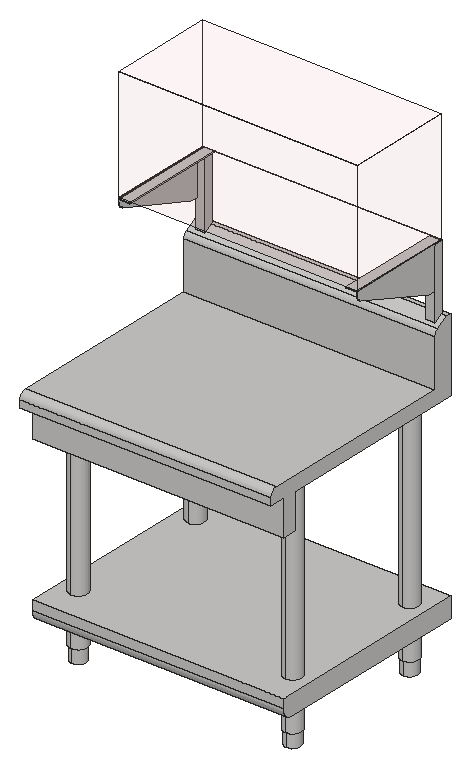
Revit family "QF_MOFFAT WALDORF_BT8900S-LS", category Specialty Equipment, Revit 2012
Parameters
  Weight in Pounds = 165.3465  # constant formula
  Width [instance] = 900.00 mm  # constant formula
  URL Cutsheet = "www.moffat.com"
  URL = "www.moffat.com"
  Type Mark [instance] = ""
  Status [instance] = ""
  Specification by User [instance] = ""
  Specification by Manufacturer = ""
  Show Clearance [instance] = yes
  Show Casters [instance] = no
  Serial Number = ""
  Seismic Rating = ""
  SMACNA No = ""
  Revision Code [instance] = ""
  Omniclass Number and Title = ""
  NAFEM Spec ID Number = ""
  Model = "BT8900S-LS"
  Masterspec = ""
  Manufacturer = "MOFFAT WALDORF"
  Legs [instance] = not(Show Casters)  # yes
  Item Number [instance] = ""
  Installed By [instance] = ""
  Identify Quantity as Lot [instance] = yes
  Height = 1130.00 mm  # constant formula
  Furnished By [instance] = ""
  Foodservice Equipment Identifier [instance] = yes
  Description = "BENCH TOP FOR SALAMANDER ON LEG STAND"
  Depth [instance] = 805.00 mm  # constant formula
  CSI MasterFormat = ""
  CSI Master Format = ""
  Back Splash [instance] = 215.00 mm  # constant formula
Reference planes
  plane 1 "BACK": y = 0
  plane 2: z = 0
  plane 3 "LEFT": x = 0
  plane 4 "RIGHT": x = 900
  plane 5 "FRONT": y = -805
  plane 6 "TOP": z = 1130
  plane 7 "Center Y": x = 450
  plane 8 "Center X": y = -402.5
  plane 9 "Base Height": z = 150
  plane 10: z = 915
  plane 11: x = 65
  plane 12: x = 834
  plane 13: y = -625
  plane 14: y = -100
  plane 15: z = 1770
Forms (mm)
  Extrusion 1, solid, material "QF_Finishes_Stainless Steel"
    sketch origin (0, 0, 0) x (0, 1, 0) y (0, 0, 1)
      loop
        line (0, 222.5) -> (-749, 222.5) -> (-749, 188)
        arc (-749, 188) -> (-737.87, 161.13) -> (-711, 150) r 38
        line (-711, 150) -> (0, 150) -> (0, 222.5)
      loop
        line (-805, 891) -> (-805, 866) -> (-749, 866) -> (-749, 740) -> (-699, 740) -> (-699, 866) -> (0, 866) -> (0, 1130) -> (-16.5, 1130) -> (-58, 1106.04)
        arc (-58, 1106.04) -> (-66.785, 1097.255) -> (-70, 1085.255) r 24
        line (-70, 1085.255) -> (-70, 915) -> (-781, 915)
        arc (-781, 915) -> (-797.971, 907.971) -> (-805, 891) r 24
    from 0 to 900
  Extrusion 2, solid, material "QF_Finishes_Stainless Steel"
    sketch origin (0, -699, 222.5) x (0, -1, 0) y (1, 0, 0)
      loop
        circle (-599, 65) r 31.75
      loop
        circle (-599, 834) r 31.75
      loop
        circle (-74, 65) r 31.75
      loop
        circle (-74, 834) r 31.75
    from 0 to 643.5
  Revolve 3, solid, material "QF_Finishes_Stainless Steel", visible <- "Legs"
    sketch origin (834, -210, 0) x (0, 1, 0) y (0, 0, -1)
      loop
        line (78.25, -150) -> (110, -150) -> (110, 0) -> (82.5, 0) -> (82.5, -50) -> (78.25, -50) -> (78.25, -150)
      axis (110, -150) -> (110, 0)
    angle from 0 to 360
  Revolve 4, solid, material "QF_Finishes_Stainless Steel"
    sketch origin (834, -735, 0) x (0, 1, 0) y (0, 0, -1)
      loop
        line (78.25, -150) -> (110, -150) -> (110, 0) -> (82.5, 0) -> (82.5, -50) -> (78.25, -50) -> (78.25, -150)
      axis (110, -150) -> (110, 0)
    angle from 0 to 360
  Revolve 5, solid, material "QF_Finishes_Stainless Steel", visible <- "Legs"
    sketch origin (65, -210, 0) x (0, 1, 0) y (0, 0, -1)
      loop
        line (78.25, -150) -> (110, -150) -> (110, 0) -> (82.5, 0) -> (82.5, -50) -> (78.25, -50) -> (78.25, -150)
      axis (110, -150) -> (110, 0)
    angle from 0 to 360
  Revolve 6, solid, material "QF_Finishes_Stainless Steel"
    sketch origin (65, -735, 0) x (0, 1, 0) y (0, 0, -1)
      loop
        line (78.25, -150) -> (110, -150) -> (110, 0) -> (82.5, 0) -> (82.5, -50) -> (78.25, -50) -> (78.25, -150)
      axis (110, -150) -> (110, 0)
    angle from 0 to 360
  Extrusion 7, solid, material "QF_Finishes_Stainless Steel"
    sketch origin (0, 0, 0) x (0, 1, 0) y (0, 0, 1)
      loop
        line (-13, 1362.5) -> (-45, 1362.5) -> (-45, 1113.546) -> (-16.5, 1130) -> (-13, 1130) -> (-13, 1362.5)
    from 21.5 to 53.5
  Extrusion 8, solid, material "QF_Finishes_Stainless Steel"
    sketch origin (0, 0, 0) x (0, 1, 0) y (0, 0, 1)
      loop
        line (-391, 1365) -> (-391, 1352.344)
        arc (-391, 1352.344) -> (-386.541, 1338.094) -> (-374.754, 1328.927) r 25
        line (-374.754, 1328.927) -> (-70, 1215) -> (-13, 1215) -> (-13, 1365) -> (-391, 1365)
    from 21.5 to 24.592
  Extrusion 9, solid, material "QF_Finishes_Stainless Steel"
    sketch origin (0, -45, 1362.5) x (0, 1, 0) y (-1, 0, 0)
      loop
        line (32, -24.592) -> (-346, -24.592) -> (-346, -64) -> (32, -64) -> (32, -24.592)
    from 0 to 2.5
  Extrusion 10, solid, material "QF_Finishes_Stainless Steel"
    sketch origin (900, 0, 0) x (0, -1, 0) y (0, 0, 1)
      loop
        line (13, 1362.5) -> (13, 1130) -> (16.5, 1130) -> (45, 1113.546) -> (45, 1362.5) -> (13, 1362.5)
    from 21.5 to 53.5
  Extrusion 11, solid, material "QF_Finishes_Stainless Steel"
    sketch origin (900, 0, 0) x (0, -1, 0) y (0, 0, 1)
      loop
        line (391, 1365) -> (13, 1365) -> (13, 1215) -> (70, 1215) -> (374.754, 1328.927)
        arc (374.754, 1328.927) -> (386.541, 1338.094) -> (391, 1352.344) r 25
        line (391, 1352.344) -> (391, 1365)
    from 21.5 to 24.592
  Extrusion 12, solid, material "QF_Finishes_Stainless Steel"
    sketch origin (900, -45, 1362.5) x (0, 1, 0) y (-1, 0, 0)
      loop
        line (32, 24.592) -> (32, 64) -> (-346, 64) -> (-346, 24.592) -> (32, 24.592)
    from 0 to 2.5
  Extrusion 13, solid, material "QF_Clearance", visible <- "Show Clearance"
    sketch origin (0, -45, 1365) x (0, 1, 0) y (-1, 0, 0)
      loop
        line (-346, -21.5) -> (-346, -878.5) -> (32, -878.5) -> (32, -21.5) -> (-346, -21.5)
    from 0 to 405
Lines and regions (mm)
  Split face 1
    outline origin (0, -16.5, 1130) x (0, -0.866025, -0.5) y (1, 0, 0)
      loop
        line (1.962, 129.583) -> (34.599, 129.583) -> (34.599, 149.583) -> (1.962, 149.583) -> (1.962, 129.583)
  Split face 2
    outline origin (0, -16.5, 1130) x (0, -0.866025, -0.5) y (1, 0, 0)
      loop
        line (34.599, 156.5) -> (34.599, 176.5) -> (1.962, 176.5) -> (1.962, 156.5) -> (34.599, 156.5)
  Split face 3
    outline origin (0, -16.5, 1130) x (0, -0.866025, -0.5) y (1, 0, 0)
      loop
        line (34.599, 203.5) -> (1.962, 203.5) -> (1.962, 183.5) -> (34.599, 183.5) -> (34.599, 203.5)
  Split face 4
    outline origin (0, -16.5, 1130) x (0, -0.866025, -0.5) y (1, 0, 0)
      loop
        line (34.599, 230.5) -> (1.962, 230.5) -> (1.962, 210.5) -> (34.599, 210.5) -> (34.599, 230.5)
  Split face 5
    outline origin (0, -16.5, 1130) x (0, -0.866025, -0.5) y (1, 0, 0)
      loop
        line (34.599, 257.5) -> (1.962, 257.5) -> (1.962, 237.5) -> (34.599, 237.5) -> (34.599, 257.5)
  Split face 6
    outline origin (0, -16.5, 1130) x (0, -0.866025, -0.5) y (1, 0, 0)
      loop
        line (34.599, 264.5) -> (34.599, 284.5) -> (1.962, 284.5) -> (1.962, 264.5) -> (34.599, 264.5)
  Split face 7
    outline origin (0, -16.5, 1130) x (0, -0.866025, -0.5) y (1, 0, 0)
      loop
        line (34.599, 311.5) -> (1.962, 311.5) -> (1.962, 291.5) -> (34.599, 291.5) -> (34.599, 311.5)
  Split face 8
    outline origin (0, -16.5, 1130) x (0, -0.866025, -0.5) y (1, 0, 0)
      loop
        line (1.962, 338.5) -> (1.962, 318.5) -> (34.599, 318.5) -> (34.599, 338.5) -> (1.962, 338.5)
  Split face 9
    outline origin (0, -16.5, 1130) x (0, -0.866025, -0.5) y (1, 0, 0)
      loop
        line (1.962, 345.5) -> (34.599, 345.5) -> (34.599, 365.5) -> (1.962, 365.5) -> (1.962, 345.5)
  Split face 10
    outline origin (0, -16.5, 1130) x (0, -0.866025, -0.5) y (1, 0, 0)
      loop
        line (34.599, 372.5) -> (34.599, 392.5) -> (1.962, 392.5) -> (1.962, 372.5) -> (34.599, 372.5)
  Split face 11
    outline origin (0, -16.5, 1130) x (0, -0.866025, -0.5) y (1, 0, 0)
      loop
        line (34.599, 399.5) -> (34.599, 419.5) -> (1.962, 419.5) -> (1.962, 399.5) -> (34.599, 399.5)
  Split face 12
    outline origin (0, -16.5, 1130) x (0, -0.866025, -0.5) y (1, 0, 0)
      loop
        line (34.599, 426.5) -> (34.599, 446.5) -> (1.962, 446.5) -> (1.962, 426.5) -> (34.599, 426.5)
  Split face 13
    outline origin (0, -16.5, 1130) x (0, -0.866025, -0.5) y (1, 0, 0)
      loop
        line (1.962, 453.5) -> (34.599, 453.5) -> (34.599, 473.5) -> (1.962, 473.5) -> (1.962, 453.5)
  Split face 14
    outline origin (0, -16.5, 1130) x (0, -0.866025, -0.5) y (1, 0, 0)
      loop
        line (1.962, 500.5) -> (1.962, 480.5) -> (34.599, 480.5) -> (34.599, 500.5) -> (1.962, 500.5)
  Split face 15
    outline origin (0, -16.5, 1130) x (0, -0.866025, -0.5) y (1, 0, 0)
      loop
        line (34.599, 527.5) -> (1.962, 527.5) -> (1.962, 507.5) -> (34.599, 507.5) -> (34.599, 527.5)
  Split face 16
    outline origin (0, -16.5, 1130) x (0, -0.866025, -0.5) y (1, 0, 0)
      loop
        line (34.599, 534.5) -> (34.599, 554.5) -> (1.962, 554.5) -> (1.962, 534.5) -> (34.599, 534.5)
  Split face 17
    outline origin (0, -16.5, 1130) x (0, -0.866025, -0.5) y (1, 0, 0)
      loop
        line (34.599, 581.5) -> (1.962, 581.5) -> (1.962, 561.5) -> (34.599, 561.5) -> (34.599, 581.5)
  Split face 18
    outline origin (0, -16.5, 1130) x (0, -0.866025, -0.5) y (1, 0, 0)
      loop
        line (34.599, 588.5) -> (34.599, 608.5) -> (1.962, 608.5) -> (1.962, 588.5) -> (34.599, 588.5)
  Split face 19
    outline origin (0, -16.5, 1130) x (0, -0.866025, -0.5) y (1, 0, 0)
      loop
        line (34.599, 615.5) -> (34.599, 635.5) -> (1.962, 635.5) -> (1.962, 615.5) -> (34.599, 615.5)
  Split face 20
    outline origin (0, -16.5, 1130) x (0, -0.866025, -0.5) y (1, 0, 0)
      loop
        line (34.599, 662.5) -> (1.962, 662.5) -> (1.962, 642.5) -> (34.599, 642.5) -> (34.599, 662.5)
  Split face 21
    outline origin (0, -16.5, 1130) x (0, -0.866025, -0.5) y (1, 0, 0)
      loop
        line (34.599, 669.5) -> (34.599, 689.5) -> (1.962, 689.5) -> (1.962, 669.5) -> (34.599, 669.5)
  Split face 22
    outline origin (0, -16.5, 1130) x (0, -0.866025, -0.5) y (1, 0, 0)
      loop
        line (34.599, 696.5) -> (34.599, 716.5) -> (1.962, 716.5) -> (1.962, 696.5) -> (34.599, 696.5)
  Split face 23
    outline origin (0, -16.5, 1130) x (0, -0.866025, -0.5) y (1, 0, 0)
      loop
        line (34.599, 743.5) -> (1.962, 743.5) -> (1.962, 723.5) -> (34.599, 723.5) -> (34.599, 743.5)
  Split face 24
    outline origin (0, -16.5, 1130) x (0, -0.866025, -0.5) y (1, 0, 0)
      loop
        line (1.962, 750.5) -> (34.599, 750.5) -> (34.599, 770.5) -> (1.962, 770.5) -> (1.962, 750.5)
  symbolic lines
    curve 1: line (0, 0, 0) -> (0, -805, 0)
    curve 2: line (900, 0, 0) -> (0, 0, 0)
    curve 3: line (900, -805, 0) -> (900, 0, 0)
    curve 4: line (0, -70, 0) -> (21.5, -70, 0)
    curve 5: line (0, -805, 0) -> (900, -805, 0)
    curve 6: line (129.583, -21.949, 0) -> (129.583, -50.213, 0)
    curve 7: line (129.583, -50.213, 0) -> (149.583, -50.213, 0)
    curve 8: line (149.583, -50.213, 0) -> (149.583, -21.949, 0)
    curve 9: line (149.583, -21.949, 0) -> (129.583, -21.949, 0)
    curve 10: line (156.5, -21.949, 0) -> (156.5, -50.213, 0)
    curve 11: line (156.5, -50.213, 0) -> (176.5, -50.213, 0)
    curve 12: line (176.5, -50.213, 0) -> (176.5, -21.949, 0)
    curve 13: line (176.5, -21.949, 0) -> (156.5, -21.949, 0)
    curve 14: line (183.5, -21.949, 0) -> (183.5, -50.213, 0)
    curve 15: line (183.5, -50.213, 0) -> (203.5, -50.213, 0)
    curve 16: line (203.5, -50.213, 0) -> (203.5, -21.949, 0)
    curve 17: line (203.5, -21.949, 0) -> (183.5, -21.949, 0)
    curve 18: line (210.5, -21.949, 0) -> (210.5, -50.213, 0)
    curve 19: line (210.5, -50.213, 0) -> (230.5, -50.213, 0)
    curve 20: line (230.5, -50.213, 0) -> (230.5, -21.949, 0)
    curve 21: line (230.5, -21.949, 0) -> (210.5, -21.949, 0)
    curve 22: line (237.5, -21.949, 0) -> (237.5, -50.213, 0)
    curve 23: line (237.5, -50.213, 0) -> (257.5, -50.213, 0)
    curve 24: line (257.5, -50.213, 0) -> (257.5, -21.949, 0)
    curve 25: line (257.5, -21.949, 0) -> (237.5, -21.949, 0)
    curve 26: line (264.5, -21.949, 0) -> (264.5, -50.213, 0)
    curve 27: line (264.5, -50.213, 0) -> (284.5, -50.213, 0)
    curve 28: line (284.5, -50.213, 0) -> (284.5, -21.949, 0)
    curve 29: line (284.5, -21.949, 0) -> (264.5, -21.949, 0)
    curve 30: line (291.5, -21.949, 0) -> (291.5, -50.213, 0)
    curve 31: line (291.5, -50.213, 0) -> (311.5, -50.213, 0)
    curve 32: line (311.5, -50.213, 0) -> (311.5, -21.949, 0)
    curve 33: line (311.5, -21.949, 0) -> (291.5, -21.949, 0)
    curve 34: line (318.5, -21.949, 0) -> (318.5, -50.213, 0)
    curve 35: line (318.5, -50.213, 0) -> (338.5, -50.213, 0)
    curve 36: line (338.5, -50.213, 0) -> (338.5, -21.949, 0)
    curve 37: line (338.5, -21.949, 0) -> (318.5, -21.949, 0)
    curve 38: line (345.5, -21.949, 0) -> (345.5, -50.213, 0)
    curve 39: line (345.5, -50.213, 0) -> (365.5, -50.213, 0)
    curve 40: line (365.5, -50.213, 0) -> (365.5, -21.949, 0)
    curve 41: line (365.5, -21.949, 0) -> (345.5, -21.949, 0)
    curve 42: line (372.5, -21.949, 0) -> (372.5, -50.213, 0)
    curve 43: line (372.5, -50.213, 0) -> (392.5, -50.213, 0)
    curve 44: line (392.5, -50.213, 0) -> (392.5, -21.949, 0)
    curve 45: line (392.5, -21.949, 0) -> (372.5, -21.949, 0)
    curve 46: line (399.5, -21.949, 0) -> (399.5, -50.213, 0)
    curve 47: line (399.5, -50.213, 0) -> (419.5, -50.213, 0)
    curve 48: line (419.5, -50.213, 0) -> (419.5, -21.949, 0)
    curve 49: line (419.5, -21.949, 0) -> (399.5, -21.949, 0)
    curve 50: line (426.5, -21.949, 0) -> (426.5, -50.213, 0)
    curve 51: line (426.5, -50.213, 0) -> (446.5, -50.213, 0)
    curve 52: line (446.5, -50.213, 0) -> (446.5, -21.949, 0)
    curve 53: line (446.5, -21.949, 0) -> (426.5, -21.949, 0)
    curve 54: line (453.5, -21.949, 0) -> (453.5, -50.213, 0)
    curve 55: line (453.5, -50.213, 0) -> (473.5, -50.213, 0)
    curve 56: line (473.5, -50.213, 0) -> (473.5, -21.949, 0)
    curve 57: line (473.5, -21.949, 0) -> (453.5, -21.949, 0)
    curve 58: line (480.5, -21.949, 0) -> (480.5, -50.213, 0)
    curve 59: line (480.5, -50.213, 0) -> (500.5, -50.213, 0)
    curve 60: line (500.5, -50.213, 0) -> (500.5, -21.949, 0)
    curve 61: line (500.5, -21.949, 0) -> (480.5, -21.949, 0)
    curve 62: line (507.5, -21.949, 0) -> (507.5, -50.213, 0)
    curve 63: line (507.5, -50.213, 0) -> (527.5, -50.213, 0)
    curve 64: line (527.5, -50.213, 0) -> (527.5, -21.949, 0)
    curve 65: line (527.5, -21.949, 0) -> (507.5, -21.949, 0)
    curve 66: line (534.5, -21.949, 0) -> (534.5, -50.213, 0)
    curve 67: line (534.5, -50.213, 0) -> (554.5, -50.213, 0)
    curve 68: line (554.5, -50.213, 0) -> (554.5, -21.949, 0)
    curve 69: line (554.5, -21.949, 0) -> (534.5, -21.949, 0)
    curve 70: line (561.5, -21.949, 0) -> (561.5, -50.213, 0)
    curve 71: line (561.5, -50.213, 0) -> (581.5, -50.213, 0)
    curve 72: line (581.5, -50.213, 0) -> (581.5, -21.949, 0)
    curve 73: line (581.5, -21.949, 0) -> (561.5, -21.949, 0)
    curve 74: line (588.5, -21.949, 0) -> (588.5, -50.213, 0)
    curve 75: line (588.5, -50.213, 0) -> (608.5, -50.213, 0)
    curve 76: line (608.5, -50.213, 0) -> (608.5, -21.949, 0)
    curve 77: line (608.5, -21.949, 0) -> (588.5, -21.949, 0)
    curve 78: line (615.5, -21.949, 0) -> (615.5, -50.213, 0)
    curve 79: line (615.5, -50.213, 0) -> (635.5, -50.213, 0)
    curve 80: line (635.5, -50.213, 0) -> (635.5, -21.949, 0)
    curve 81: line (635.5, -21.949, 0) -> (615.5, -21.949, 0)
    curve 82: line (642.5, -21.949, 0) -> (642.5, -50.213, 0)
    curve 83: line (642.5, -50.213, 0) -> (662.5, -50.213, 0)
    curve 84: line (662.5, -50.213, 0) -> (662.5, -21.949, 0)
    curve 85: line (662.5, -21.949, 0) -> (642.5, -21.949, 0)
    curve 86: line (669.5, -21.949, 0) -> (669.5, -50.213, 0)
    curve 87: line (669.5, -50.213, 0) -> (689.5, -50.213, 0)
    curve 88: line (689.5, -50.213, 0) -> (689.5, -21.949, 0)
    curve 89: line (689.5, -21.949, 0) -> (669.5, -21.949, 0)
    curve 90: line (696.5, -21.949, 0) -> (696.5, -50.213, 0)
    curve 91: line (696.5, -50.213, 0) -> (716.5, -50.213, 0)
    curve 92: line (716.5, -50.213, 0) -> (716.5, -21.949, 0)
    curve 93: line (716.5, -21.949, 0) -> (696.5, -21.949, 0)
    curve 94: line (723.5, -21.949, 0) -> (723.5, -50.213, 0)
    curve 95: line (723.5, -50.213, 0) -> (743.5, -50.213, 0)
    curve 96: line (743.5, -50.213, 0) -> (743.5, -21.949, 0)
    curve 97: line (743.5, -21.949, 0) -> (723.5, -21.949, 0)
    curve 98: line (750.5, -21.949, 0) -> (750.5, -50.213, 0)
    curve 99: line (750.5, -50.213, 0) -> (770.5, -50.213, 0)
    curve 100: line (770.5, -50.213, 0) -> (770.5, -21.949, 0)
    curve 101: line (770.5, -21.949, 0) -> (750.5, -21.949, 0)
    curve 102: line (21.5, -13, 0) -> (21.5, -391, 0)
    curve 103: line (64, -13, 0) -> (21.5, -13, 0)
    curve 104: line (64, -391, 0) -> (64, -13, 0)
    curve 105: line (21.5, -391, 0) -> (64, -391, 0)
    curve 106: line (878.5, -13, 0) -> (878.5, -391, 0)
    curve 107: line (836, -13, 0) -> (878.5, -13, 0)
    curve 108: line (836, -391, 0) -> (836, -13, 0)
    curve 109: line (878.5, -391, 0) -> (836, -391, 0)
    curve 110: line (64, -70, 0) -> (836, -70, 0)
    curve 111: line (878.5, -70, 0) -> (900, -70, 0)
  symbolic lines, style "QF_Clearances", visible <- "Show Clearance"
    curve 112: line (878.5, -13, 0) -> (21.5, -13, 0)
    curve 113: line (21.5, -13, 0) -> (21.5, -391, 0)
    curve 114: line (21.5, -391, 0) -> (878.5, -391, 0)
    curve 115: line (878.5, -391, 0) -> (878.5, -13, 0)
Dimensions and locks
  equal spacing: plane 3 "LEFT", plane 7 "Center Y", plane 4 "RIGHT"
  "Width": plane 3 "LEFT" to plane 4 "RIGHT"
  equal spacing: plane 5 "FRONT", plane 8 "Center X", plane 1 "BACK"
  "Depth": plane 5 "FRONT" to plane 1 "BACK"
  locked: plane 10 to level at 915
  locked: plane 9 "Base Height" to level at 150
  plane 6 "TOP" to plane 10 = 215.00 mm
  plane 13 to plane 14 = 525.00 mm
  plane 12 to plane 11 = 769.00 mm
  "Height": plane 6 "TOP" to level
  plane 15 to level = 1770.00 mm
  aligned and locked: level to plane 2
Automatic sketch dimensions
  Extrusion 1 sketch curve to plane 5 "FRONT" = 0.00 mm
  Extrusion 1 sketch curve to plane 10 = 0.00 mm
  Extrusion 1 sketch curve to plane 9 "Base Height" = 0.00 mm
  Extrusion 1 sketch curve to plane 6 "TOP" = 0.00 mm
  Extrusion 1 sketch curve to plane 1 "BACK" = 0.00 mm  (x2)
  Extrusion 1 sketch curve to plane 5 "FRONT" = 24.00 mm
  Extrusion 1 sketch curve to Extrusion 1 sketch curve = 32.00 mm
  Extrusion 1 sketch curve to plane 5 "FRONT" = 56.00 mm
  Extrusion 1 sketch curve to Extrusion 1 sketch curve = 38.00 mm
  Extrusion 1 sketch curve to Extrusion 1 sketch curve = 50.00 mm
  plane 14 to Extrusion 1 sketch curve = 30.00 mm
  Extrusion 1 sketch curve to plane 6 "TOP" = 23.96 mm
  Extrusion 1 sketch curve to Extrusion 1 sketch curve = 12.00 mm  (x2)
  Extrusion 1 sketch curve to Extrusion 1 sketch curve = 16.50 mm
  Extrusion 1 sketch curve to Extrusion 1 sketch curve = 34.50 mm
  Extrusion 1 sketch curve to Extrusion 1 sketch curve = 151.00 mm
  Extrusion 1 sketch curve to Extrusion 1 sketch curve = 25.00 mm
  Extrusion 1 sketch curve to plane 10 = 49.00 mm
  Extrusion 2 sketch curve to Extrusion 2 sketch curve = 0.00 mm  (x8)
  Extrusion 1 to Extrusion 2 sketch curve = 68.25 mm  (x2)
  Extrusion 2 sketch curve to Extrusion 2 sketch curve = 31.75 mm  (x4)
  Extrusion 1 to Extrusion 2 sketch curve = 155.75 mm  (x2)
  Extrusion 1 to Extrusion 2 sketch curve = 65.00 mm  (x2)
  Extrusion 1 to Extrusion 2 sketch curve = 66.00 mm  (x2)
  Revolve 3 sketch curve to plane 9 "Base Height" = 0.00 mm
  Revolve 3 sketch curve to level = 0.00 mm
  Revolve 3 sketch curve to plane 14 = 0.00 mm  (x2)
  Revolve 3 sketch curve to plane 14 = 27.50 mm
  Revolve 3 sketch curve to plane 14 = 31.75 mm
  level to Revolve 3 sketch curve = 50.00 mm
  Revolve 3 sketch curve to Revolve 3 sketch curve = 0.00 mm
  Revolve 3 sketch curve to Revolve 3 sketch curve = 55.00 mm
  Revolve 4 sketch curve to plane 9 "Base Height" = 0.00 mm
  Revolve 4 sketch curve to level = 0.00 mm
  Revolve 4 sketch curve to plane 13 = 0.00 mm  (x2)
  Revolve 4 sketch curve to plane 13 = 27.50 mm
  Revolve 4 sketch curve to plane 13 = 31.75 mm
  level to Revolve 4 sketch curve = 50.00 mm
  Revolve 4 sketch curve to Revolve 4 sketch curve = 0.00 mm
  Revolve 4 sketch curve to Revolve 4 sketch curve = 55.00 mm
  Revolve 5 sketch curve to plane 9 "Base Height" = 0.00 mm
  Revolve 5 sketch curve to level = 0.00 mm
  Revolve 5 sketch curve to plane 14 = 0.00 mm  (x2)
  Revolve 5 sketch curve to plane 14 = 27.50 mm
  Revolve 5 sketch curve to plane 14 = 31.75 mm
  level to Revolve 5 sketch curve = 50.00 mm
  Revolve 5 sketch curve to Revolve 5 sketch curve = 0.00 mm
  Revolve 5 sketch curve to Revolve 5 sketch curve = 55.00 mm
  Revolve 6 sketch curve to plane 9 "Base Height" = 0.00 mm
  Revolve 6 sketch curve to level = 0.00 mm
  Revolve 6 sketch curve to plane 13 = 0.00 mm  (x2)
  Revolve 6 sketch curve to plane 13 = 27.50 mm
  Revolve 6 sketch curve to plane 13 = 31.75 mm
  level to Revolve 6 sketch curve = 50.00 mm
  Revolve 6 sketch curve to Revolve 6 sketch curve = 0.00 mm
  Revolve 6 sketch curve to Revolve 6 sketch curve = 55.00 mm
  Extrusion 1 to Split face 1 sketch curve = 1.962 mm
  Split face 1 sketch curve to Extrusion 1 = 13.322 mm
  Split face 1 sketch curve to Extrusion 1 = 129.583 mm
  Split face 1 sketch curve to Split face 1 sketch curve = 20.00 mm
  Extrusion 1 to Split face 2 sketch curve = 1.962 mm
  Split face 2 sketch curve to Extrusion 1 = 13.322 mm
  Split face 2 sketch curve to Extrusion 1 = 156.50 mm
  Split face 2 sketch curve to Split face 2 sketch curve = 20.00 mm
  Extrusion 1 to Split face 3 sketch curve = 1.962 mm
  Split face 3 sketch curve to Extrusion 1 = 13.322 mm
  Split face 3 sketch curve to Extrusion 1 = 183.50 mm
  Split face 3 sketch curve to Split face 3 sketch curve = 20.00 mm
  Extrusion 1 to Split face 4 sketch curve = 1.962 mm
  Split face 4 sketch curve to Extrusion 1 = 13.322 mm
  Split face 4 sketch curve to Extrusion 1 = 210.50 mm
  Split face 4 sketch curve to Split face 4 sketch curve = 20.00 mm
  Extrusion 1 to Split face 5 sketch curve = 1.962 mm
  Split face 5 sketch curve to Extrusion 1 = 13.322 mm
  Split face 5 sketch curve to Extrusion 1 = 237.50 mm
  Split face 5 sketch curve to Split face 5 sketch curve = 20.00 mm
  Extrusion 1 to Split face 6 sketch curve = 1.962 mm
  Split face 6 sketch curve to Extrusion 1 = 13.322 mm
  Split face 6 sketch curve to Extrusion 1 = 264.50 mm
  Split face 6 sketch curve to Split face 6 sketch curve = 20.00 mm
  Extrusion 1 to Split face 7 sketch curve = 1.962 mm
  Split face 7 sketch curve to Extrusion 1 = 13.322 mm
  Split face 7 sketch curve to Extrusion 1 = 291.50 mm
  Split face 7 sketch curve to Split face 7 sketch curve = 20.00 mm
  Extrusion 1 to Split face 8 sketch curve = 1.962 mm
  Split face 8 sketch curve to Extrusion 1 = 13.322 mm
  Split face 8 sketch curve to Extrusion 1 = 318.50 mm
  Split face 8 sketch curve to Split face 8 sketch curve = 20.00 mm
  Extrusion 1 to Split face 9 sketch curve = 1.962 mm
  Split face 9 sketch curve to Extrusion 1 = 13.322 mm
  Split face 9 sketch curve to Extrusion 1 = 345.50 mm
  Split face 9 sketch curve to Split face 9 sketch curve = 20.00 mm
  Extrusion 1 to Split face 10 sketch curve = 1.962 mm
  Split face 10 sketch curve to Extrusion 1 = 13.322 mm
  Split face 10 sketch curve to Extrusion 1 = 372.50 mm
  Split face 10 sketch curve to Split face 10 sketch curve = 20.00 mm
  Extrusion 1 to Split face 11 sketch curve = 1.962 mm
  Split face 11 sketch curve to Extrusion 1 = 13.322 mm
  Split face 11 sketch curve to Extrusion 1 = 399.50 mm
  Split face 11 sketch curve to Split face 11 sketch curve = 20.00 mm
  Extrusion 1 to Split face 12 sketch curve = 1.962 mm
  Split face 12 sketch curve to Extrusion 1 = 13.322 mm
  Split face 12 sketch curve to Extrusion 1 = 426.50 mm
  Split face 12 sketch curve to Split face 12 sketch curve = 20.00 mm
  Extrusion 1 to Split face 13 sketch curve = 1.962 mm
  Split face 13 sketch curve to Extrusion 1 = 13.322 mm
  Split face 13 sketch curve to Extrusion 1 = 446.50 mm
  Split face 13 sketch curve to Split face 13 sketch curve = 20.00 mm
  Extrusion 1 to Split face 14 sketch curve = 1.962 mm
  Split face 14 sketch curve to Extrusion 1 = 13.322 mm
  Split face 14 sketch curve to Extrusion 1 = 419.50 mm
  Split face 14 sketch curve to Split face 14 sketch curve = 20.00 mm
  Extrusion 1 to Split face 15 sketch curve = 1.962 mm
  Split face 15 sketch curve to Extrusion 1 = 13.322 mm
  Split face 15 sketch curve to Extrusion 1 = 392.50 mm
  Split face 15 sketch curve to Split face 15 sketch curve = 20.00 mm
  Extrusion 1 to Split face 16 sketch curve = 1.962 mm
  Split face 16 sketch curve to Extrusion 1 = 13.322 mm
  Split face 16 sketch curve to Extrusion 1 = 365.50 mm
  Split face 16 sketch curve to Split face 16 sketch curve = 20.00 mm
  Extrusion 1 to Split face 17 sketch curve = 1.962 mm
  Split face 17 sketch curve to Extrusion 1 = 13.322 mm
  Split face 17 sketch curve to Extrusion 1 = 338.50 mm
  Split face 17 sketch curve to Split face 17 sketch curve = 20.00 mm
  Extrusion 1 to Split face 18 sketch curve = 1.962 mm
  Split face 18 sketch curve to Extrusion 1 = 13.322 mm
  Split face 18 sketch curve to Extrusion 1 = 311.50 mm
  Split face 18 sketch curve to Split face 18 sketch curve = 20.00 mm
  Extrusion 1 to Split face 19 sketch curve = 1.962 mm
  Split face 19 sketch curve to Extrusion 1 = 13.322 mm
  Split face 19 sketch curve to Extrusion 1 = 284.50 mm
  Split face 19 sketch curve to Split face 19 sketch curve = 20.00 mm
  Extrusion 1 to Split face 20 sketch curve = 1.962 mm
  Split face 20 sketch curve to Extrusion 1 = 13.322 mm
  Split face 20 sketch curve to Extrusion 1 = 257.50 mm
  Split face 20 sketch curve to Split face 20 sketch curve = 20.00 mm
  Extrusion 1 to Split face 21 sketch curve = 1.962 mm
  Split face 21 sketch curve to Extrusion 1 = 13.322 mm
  Split face 21 sketch curve to Extrusion 1 = 230.50 mm
  Split face 21 sketch curve to Split face 21 sketch curve = 20.00 mm
  Extrusion 1 to Split face 22 sketch curve = 1.962 mm
  Split face 22 sketch curve to Extrusion 1 = 13.322 mm
  Split face 22 sketch curve to Extrusion 1 = 203.50 mm
  Split face 22 sketch curve to Split face 22 sketch curve = 20.00 mm
  Extrusion 1 to Split face 23 sketch curve = 1.962 mm
  Split face 23 sketch curve to Extrusion 1 = 13.322 mm
  Split face 23 sketch curve to Extrusion 1 = 176.50 mm
  Split face 23 sketch curve to Split face 23 sketch curve = 20.00 mm
  Extrusion 1 to Split face 24 sketch curve = 1.962 mm
  Split face 24 sketch curve to Extrusion 1 = 13.322 mm
  Split face 24 sketch curve to Extrusion 1 = 149.50 mm
  Split face 24 sketch curve to Split face 24 sketch curve = 20.00 mm
  Extrusion 7 sketch curve to plane 6 "TOP" = 0.00 mm
  Extrusion 7 sketch curve to plane 6 "TOP" = 16.454 mm
  plane 1 "BACK" to Extrusion 7 sketch curve = 45.00 mm
  plane 1 "BACK" to Extrusion 7 sketch curve = 16.50 mm
  Extrusion 7 sketch curve to Extrusion 7 sketch curve = 3.50 mm
  plane 6 "TOP" to Extrusion 7 sketch curve = 232.50 mm
  plane 8 "Center X" to Extrusion 8 sketch curve = 11.50 mm
  plane 8 "Center X" to Extrusion 8 sketch curve = 27.746 mm
  Extrusion 8 sketch curve to Extrusion 8 sketch curve = 25.00 mm
  plane 14 to Extrusion 8 sketch curve = 30.00 mm
  plane 1 "BACK" to Extrusion 8 sketch curve = 13.00 mm
  plane 6 "TOP" to Extrusion 8 sketch curve = 85.00 mm
  plane 6 "TOP" to Extrusion 8 sketch curve = 198.927 mm
  Extrusion 8 sketch curve to Extrusion 8 sketch curve = 12.656 mm
  Extrusion 7 to Extrusion 9 sketch curve = 0.00 mm
  Extrusion 7 to Extrusion 9 sketch curve = 3.092 mm
  Extrusion 7 to Extrusion 9 sketch curve = 346.00 mm
  Extrusion 9 sketch curve to Extrusion 7 = 10.50 mm
  Extrusion 12 sketch curve to Extrusion 10 = 0.00 mm
  Extrusion 10 to Extrusion 12 sketch curve = 3.092 mm
  Extrusion 10 to Extrusion 12 sketch curve = 346.00 mm
  Extrusion 12 sketch curve to Extrusion 10 = 10.50 mm
  Extrusion 10 sketch curve to plane 6 "TOP" = 0.00 mm
  plane 1 "BACK" to Extrusion 10 sketch curve = 13.00 mm
  Extrusion 10 sketch curve to Extrusion 10 sketch curve = 3.50 mm
  Extrusion 10 sketch curve to plane 6 "TOP" = 16.454 mm
  Extrusion 10 sketch curve to Extrusion 10 sketch curve = 28.50 mm
  Extrusion 10 sketch curve to Extrusion 10 sketch curve = 232.50 mm
  plane 1 "BACK" to Extrusion 11 sketch curve = 13.00 mm
  plane 14 to Extrusion 11 sketch curve = 30.00 mm
  plane 8 "Center X" to Extrusion 11 sketch curve = 36.50 mm
  Extrusion 11 sketch curve to Extrusion 11 sketch curve = 8.754 mm
  plane 8 "Center X" to Extrusion 11 sketch curve = 11.50 mm
  plane 6 "TOP" to Extrusion 11 sketch curve = 85.00 mm
  plane 6 "TOP" to Extrusion 11 sketch curve = 198.927 mm
  Extrusion 11 sketch curve to Extrusion 11 sketch curve = 12.656 mm
  plane 1 "BACK" to curve 1 = 0.00 mm
  curve 1 to plane 3 "LEFT" = 0.00 mm
  curve 111 to plane 4 "RIGHT" = 0.00 mm
  plane 5 "FRONT" to curve 5 = 0.00 mm
  plane 3 "LEFT" to curve 102 = 21.50 mm
  curve 104 to plane 11 = 1.00 mm
  plane 11 to curve 7 = 64.583 mm
  curve 6 to curve 9 = 20.00 mm
  curve 7 to curve 11 = 6.917 mm
  curve 10 to curve 12 = 20.00 mm
  curve 12 to curve 14 = 7.00 mm
  curve 14 to curve 16 = 20.00 mm
  curve 15 to curve 19 = 7.00 mm
  curve 18 to curve 21 = 20.00 mm
  curve 19 to curve 23 = 7.00 mm
  curve 22 to curve 23 = 20.00 mm
  curve 23 to curve 27 = 7.00 mm
  curve 26 to curve 28 = 20.00 mm
  curve 27 to curve 31 = 7.00 mm
  curve 30 to curve 33 = 20.00 mm
  curve 31 to curve 35 = 7.00 mm
  curve 34 to curve 37 = 20.00 mm
  curve 35 to curve 39 = 7.00 mm
  curve 38 to curve 40 = 20.00 mm
  curve 40 to curve 42 = 7.00 mm
  curve 42 to curve 44 = 20.00 mm
  curve 43 to curve 46 = 7.00 mm
  curve 46 to curve 49 = 20.00 mm
  curve 48 to curve 50 = 7.00 mm
  curve 51 to plane 7 "Center Y" = 3.50 mm
  plane 7 "Center Y" to curve 55 = 3.50 mm
  curve 54 to curve 56 = 20.00 mm
  curve 56 to curve 58 = 7.00 mm
  curve 58 to curve 61 = 20.00 mm
  curve 60 to curve 62 = 7.00 mm
  curve 62 to curve 65 = 20.00 mm
  curve 64 to curve 66 = 7.00 mm
  curve 66 to curve 69 = 20.00 mm
  curve 68 to curve 70 = 7.00 mm
  curve 70 to curve 73 = 20.00 mm
  curve 71 to curve 74 = 7.00 mm
  curve 74 to curve 77 = 20.00 mm
  curve 76 to curve 78 = 7.00 mm
  curve 78 to curve 81 = 20.00 mm
  curve 80 to curve 82 = 7.00 mm
  curve 82 to curve 85 = 20.00 mm
  curve 84 to curve 86 = 7.00 mm
  curve 86 to curve 89 = 20.00 mm
  curve 87 to curve 91 = 7.00 mm
  curve 90 to curve 92 = 20.00 mm
  curve 92 to curve 94 = 7.00 mm
  curve 94 to curve 96 = 20.00 mm
  curve 95 to curve 99 = 7.00 mm
  curve 98 to curve 100 = 20.00 mm
  curve 108 to plane 12 = 2.00 mm
  plane 4 "RIGHT" to curve 106 = 21.50 mm
  plane 8 "Center X" to curve 104 = 11.50 mm
  plane 14 to curve 111 = 30.00 mm
  plane 14 to curve 8 = 49.787 mm
  plane 14 to curve 100 = 49.787 mm
  curve 7 to curve 10 = 0.00 mm
  curve 96 to curve 98 = 0.00 mm  (x2)
  curve 11 to curve 14 = 0.00 mm
  curve 92 to curve 94 = 0.00 mm  (x2)
  curve 15 to curve 18 = 0.00 mm
  curve 88 to curve 90 = 0.00 mm  (x2)
  curve 19 to curve 22 = 0.00 mm
  curve 84 to curve 86 = 0.00 mm  (x2)
  curve 23 to curve 26 = 0.00 mm
  curve 80 to curve 82 = 0.00 mm  (x2)
  curve 27 to curve 30 = 0.00 mm
  curve 76 to curve 78 = 0.00 mm  (x2)
  curve 31 to curve 34 = 0.00 mm
  curve 72 to curve 74 = 0.00 mm  (x2)
  curve 35 to curve 38 = 0.00 mm
  curve 68 to curve 70 = 0.00 mm  (x2)
  curve 39 to curve 42 = 0.00 mm
  curve 64 to curve 66 = 0.00 mm  (x2)
  curve 43 to curve 46 = 0.00 mm
  curve 60 to curve 62 = 0.00 mm  (x2)
  curve 47 to curve 50 = 0.00 mm
  curve 56 to curve 58 = 0.00 mm  (x2)
  plane 1 "BACK" to curve 54 = 21.949 mm
  plane 1 "BACK" to curve 53 = 21.949 mm
  plane 1 "BACK" to curve 49 = 21.949 mm
  plane 1 "BACK" to curve 45 = 21.949 mm
  plane 1 "BACK" to curve 41 = 21.949 mm
  plane 1 "BACK" to curve 37 = 21.949 mm
  plane 1 "BACK" to curve 33 = 21.949 mm
  plane 1 "BACK" to curve 29 = 21.949 mm
  plane 1 "BACK" to curve 25 = 21.949 mm
  plane 1 "BACK" to curve 21 = 21.949 mm
  plane 1 "BACK" to curve 17 = 21.949 mm
  plane 1 "BACK" to curve 13 = 21.949 mm
  plane 1 "BACK" to curve 6 = 21.949 mm
  plane 1 "BACK" to curve 103 = 13.00 mm
  plane 14 to curve 4 = 30.00 mm
  plane 14 to curve 110 = 30.00 mm
  Extrusion 13 sketch curve to Extrusion 9 = 0.00 mm
  Extrusion 9 to Extrusion 13 sketch curve = 814.50 mm
  Extrusion 9 to Extrusion 13 sketch curve = 3.092 mm
  Extrusion 9 to Extrusion 13 sketch curve = 0.00 mm
Nested families
  nested 1: "BT8900-LS-CASTERS" at (65, -100, 0), Show Casters <- "Show Casters", visible <- "Show Casters", type "BT8900-LS-CASTERS"
    with Type Mark "", Status "", Specification by User "", Show Casters no, Revision Code "", Item Number "", Installed By "", Identify Quantity as Lot yes, Furnished By "", Foodservice Equipment Identifier yes
  nested 2: "BT8900-LS-CASTERS" at (834.024, -100, 0), Show Casters <- "Show Casters", visible <- "Show Casters", type "BT8900-LS-CASTERS"
    with Type Mark "", Status "", Specification by User "", Show Casters no, Revision Code "", Item Number "", Installed By "", Identify Quantity as Lot yes, Furnished By "", Foodservice Equipment Identifier yes
Definition of nested family "BT8900-LS-CASTERS"
  Parameters (values of type "BT8900-LS-CASTERS")
    Weight = ""
    URL Manufacturer = ""
    URL Cutsheet = ""
    URL = ""
    Type Mark [instance] = ""
    Status [instance] = ""
    Specification by User [instance] = ""
    Specification by Manufacturer = ""
    Show Casters [instance] = no
    Serial Number = ""
    Seismic Rating = ""
    SMACNA No = ""
    Revision Code [instance] = ""
    Omniclass Number and Title = ""
    NAFEM Spec ID Number = ""
    Model = ""
    MasterSpec. = ""
    Manufacturer = ""
    Item Number [instance] = ""
    Installed By [instance] = ""
    Identify Quantity as Lot [instance] = yes
    Furnished By [instance] = ""
    Foodservice Equipment Identifier [instance] = yes
    Description = ""
    CSI MasterFormat = ""
    CSI Master Format = ""
    Assembly Code = ""
  Reference planes
    plane 1: z = 0
    plane 2 "RIGHT": x = 0
    plane 3 "FRONT": y = 0
    plane 4 "Base Height": z = 150
  Forms (mm)
    Revolve 1, solid, material "QF_Finishes_Stainless Steel", visible <- "Show Casters"
      sketch origin (0, 56.335, 0) x (0, 1, 0) y (0, 0, 1)
        loop
          line (-56.335, 150) -> (-56.335, 141.118) -> (-23.798, 141.118) -> (-23.798, 150) -> (-56.335, 150)
        axis (-56.335, 141.118) -> (-56.335, 150)
      angle from 0 to 360
    Extrusion 2, solid, material "QF_Finishes_Stainless Steel", visible <- "Show Casters"
      sketch origin (-46.049, 56.335, 0) x (0, 1, 0) y (0, 0, 1)
        loop
          line (-85.799, 141.118) -> (-85.799, 133.498) -> (-82.136, 133.498)
          arc (-82.136, 133.498) -> (-79.344, 132.328) -> (-77.146, 130.248) r 8.432
          line (-77.146, 130.248) -> (-39.502, 49.52)
          arc (-39.502, 49.52) -> (-13.784, 46.107) -> (-5.673, 70.75) r 20.32
          arc (-5.673, 70.75) -> (-7.065, 73.611) -> (-8.887, 76.22) r 20.32
          arc (-8.887, 76.22) -> (-9.399, 85.377) -> (-6.626, 94.119) r 25.4
          line (-6.626, 94.119) -> (8.003, 121.632)
          arc (8.003, 121.632) -> (-2.347, 126.31) -> (-13.34, 129.167) r 66.802
          line (-13.34, 129.167) -> (-13.765, 133.498) -> (-26.871, 133.498) -> (-26.871, 141.118) -> (-85.799, 141.118)
      from 20.058 to 22.923
    Extrusion 3, solid, material "QF_Finishes_Stainless Steel", visible <- "Show Casters"
      sketch origin (3.326, 56.335, 0) x (0, 1, 0) y (0, 0, 1)
        loop
          line (-85.799, 141.118) -> (-85.799, 133.498) -> (-82.136, 133.498)
          arc (-82.136, 133.498) -> (-79.344, 132.328) -> (-77.146, 130.248) r 8.432
          line (-77.146, 130.248) -> (-39.502, 49.52)
          arc (-39.502, 49.52) -> (-13.784, 46.107) -> (-5.673, 70.75) r 20.32
          arc (-5.673, 70.75) -> (-7.065, 73.611) -> (-8.887, 76.22) r 20.32
          arc (-8.887, 76.22) -> (-9.399, 85.377) -> (-6.626, 94.119) r 25.4
          line (-6.626, 94.119) -> (8.003, 121.632)
          arc (8.003, 121.632) -> (-2.347, 126.31) -> (-13.34, 129.167) r 66.802
          line (-13.34, 129.167) -> (-13.765, 133.498) -> (-26.871, 133.498) -> (-26.871, 141.118) -> (-85.799, 141.118)
      from 20.058 to 22.923
    Extrusion 4, solid, material "QF_Finishes_Stainless Steel", visible <- "Show Casters"
      sketch origin (-49.224, 56.335, 0) x (0, 1, 0) y (0, 0, 1)
        loop
          line (-85.799, 141.118) -> (-85.799, 133.498) -> (-82.136, 133.498) -> (-18.877, 127.964) -> (7.14, 120.01) -> (8.003, 121.632)
          arc (8.003, 121.632) -> (-2.347, 126.31) -> (-13.34, 129.167) r 66.802
          line (-13.34, 129.167) -> (-13.765, 133.498) -> (-26.871, 133.498) -> (-26.871, 141.118) -> (-85.799, 141.118)
      from 26.098 to 72.56
    Revolve 5, solid, material "QF_Finishes_Stainless Steel", visible <- "Show Casters"
      sketch origin (-49.224, 30.821, 0) x (1, 0, 0) y (0, 0, 1)
        loop
          line (14.841, 63.604) -> (83.584, 63.604) -> (83.584, 67.109) -> (82.314, 68.379) -> (80.79, 68.379) -> (80.79, 71.826) -> (68.644, 71.826) -> (68.644, 81.79) -> (65.088, 83.843) -> (61.683, 104.879) -> (65.881, 104.879) -> (65.881, 111.229) -> (65.088, 111.229) -> (65.088, 117.579)
          arc (65.088, 117.579) -> (62.298, 124.314) -> (55.563, 127.104) r 9.525
          line (55.563, 127.104) -> (42.863, 127.104)
          arc (42.863, 127.104) -> (36.127, 124.314) -> (33.338, 117.579) r 9.525
          line (33.338, 117.579) -> (33.338, 111.229) -> (32.544, 111.229) -> (32.544, 104.879) -> (36.742, 104.879) -> (33.352, 83.932) -> (29.782, 81.871) -> (29.782, 71.826) -> (17.635, 71.826) -> (17.635, 68.379) -> (16.111, 68.379) -> (14.841, 67.109) -> (14.841, 63.604)
        axis (14.841, 63.604) -> (83.584, 63.604)
      angle from 0 to 360
  Lines and regions (mm)
    symbolic lines, style "SpecialityEquipmentHiddenLines", visible <- "Show Casters"
      curve 1: line (18.009, 67.053, 0) -> (45.595, 51.127, 0)
      curve 2: line (-45.491, -42.932, 0) -> (18.009, 67.053, 0)
      curve 3: line (-17.905, -58.859, 0) -> (-45.491, -42.932, 0)
      curve 4: line (45.595, 51.127, 0) -> (-17.905, -58.859, 0)
  Dimensions and locks
    plane 4 "Base Height" to level = 150.00 mm  (x2)
    Revolve 5 sketch curve to Revolve 5 sketch curve = 63.50 mm
    aligned and locked: level to plane 1
